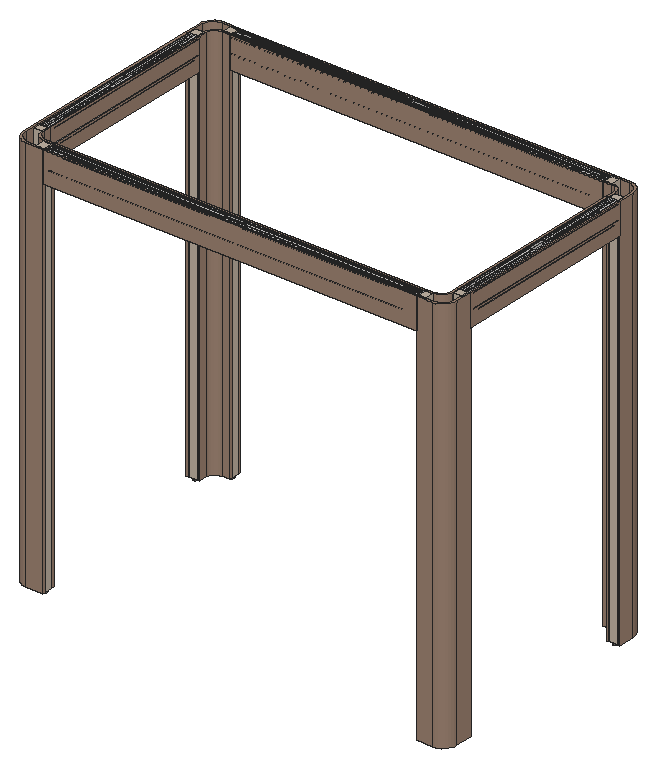
Revit family "T100213", category Furniture, Revit 2018
Family settings
  OmniClass Number = 23.40.20.14.17
  OmniClass Title = Residential Tables and Cabinets
  Work Plane-Based = No
  Always vertical = Yes
  Cut with Voids When Loaded = No
  Shared = Yes
  Room Calculation Point = No
Parameters (values of type "0762 x 0762mm")
  Base Material = Wood - Birch
  Height = 1' - 5.99213"
  Length = 2' - 6"
  Top Material = Laminate - Ivory, Matte
  Width = 2' - 6"
Types (4): name | Height | Length | Width
  (no name) | 1' - 5.99213" | 2' - 6" | 2' - 6"
  0610 x 0160mm | 2' - 6" | 2' - 0.01575" | 2' - 0.01575"
  0762 x 0762mm | 1' - 5.99213" | 2' - 6" | 2' - 6"
  0610 x 0915mm | 2' - 6" | 2' - 0.01575" | 3' - 0.02362"
Reference planes (in)
  plane 1: y = 6
  plane 2: z = 0
  plane 3 "Left": x = 14.84943
Dimensions and locks (in)
  aligned and locked: plane 2 to level
Nested families (in)
  nested 1: "OFS OBEYA BEAM KITS" at (14.84943, 34.51755, 0), type "BEAM KIT 84"
  nested 2: "OFS OBEYA BEAM KITS" at (14.84943, -17.98245, 0), type "BEAM KIT 84"
  nested 3: "OFS OBEYA POSTS" at (-32.40057, 34.51755, 0), type "CORNER POST"
  nested 4: "OFS OBEYA BEAM KITS" at (-32.40057, 8.26755, 0) x (0, -1, 0) z (0, 0, 1), type "BEAM KIT 42"
  nested 5: "OFS OBEYA POSTS" at (62.09943, 34.51755, 0) x (-1, 0, 0) z (0, 0, 1), type "CORNER POST"
  nested 6: "OFS OBEYA BEAM KITS" at (62.09943, 8.26755, 0) x (0, -1, 0) z (0, 0, 1), type "BEAM KIT 42"
  nested 7: "OFS OBEYA POSTS" at (-32.40057, -17.98245, 0), type "CORNER POST"
  nested 8: "OFS OBEYA POSTS" at (62.09943, -17.98245, 0) x (-1, 0, 0) z (0, 0, 1), type "CORNER POST"
Definition of nested family "OFS OBEYA BEAM KITS"
  Parameters (values of type "BEAM KIT 42")
    Width = 3' - 6"
    URL = "https://ofs.com/products/space-defining/architectural-structures/obeya"
    Model = "OB-42BMK"
    Manufacturer = "OFS"
    Height = 7' - 6"
    Structure Material = none
    Finish Material = none
    Description = "OFS OBEYA BEAM KIT, 42\" Width, Spans Between 2 Posts"
    Depth = 0' - 3"
    Copyright © = "©OFS 2019"
    Edge Material = none
    Catalog = "https://ofs.com/products/space-defining/architectural-structures/obeya"
    Beam Height = 0' - 7"
    Authoring Version = "Autodesk Revit Architecture 2015"
    Assembly Code = "E2020200"
  Types (3): name | Width | Model | Description
    BEAM KIT 42 | 3' - 6" | "OB-42BMK" | "OFS OBEYA BEAM KIT, 42\" Width, Spans Between 2 Posts"
    BEAM KIT 84 | 7' - 0" | "OB-84BMK" | "OFS OBEYA BEAM KIT, 84\" Width, Spans Between 2 Posts"
    BEAM KIT 126 | 10' - 6" | "OB-126BMK" | "OFS OBEYA BEAM KIT, 126\" Width, Spans Between 2 Posts"
  Reference planes (in)
    plane 1 "Center Front/Back": y = 0
    plane 2: z = 0
    plane 3 "Center Left/Right": x = 0
    plane 4: x = 21
    plane 5: y = -1.5
    plane 6: z = 90
    plane 7: z = 0.5
    plane 8: y = 1.5
    plane 9: x = -21
    plane 10: z = 83
    plane 11: x = 2
    plane 12: x = -2
    plane 13: x = -19.25
    plane 14: x = -17.25
    plane 15: x = 19.25
    plane 16: x = 17.25
  Forms (in)
    Extrusion 1, solid, material <- "Finish Material"
      sketch origin (0, 0, 0) x (0, 1, 0) y (0, 0, 1)
        loop
          line (1.5, 90) -> (1, 90) -> (1, 83) -> (1.5, 83) -> (1.5, 90)
        loop
          line (-1.5, 90) -> (-1.5, 83) -> (-1, 83) -> (-1, 90) -> (-1.5, 90)
      from -21 to 21
    Extrusion 2, solid, material <- "Edge Material"
      sketch origin (0, 0, 0) x (0, 1, 0) y (0, 0, 1)
        loop
          line (1, 84) -> (-1, 84) -> (-1, 83) -> (1, 83) -> (1, 84)
      from -21 to 21
    Extrusion 3, solid, material <- "Structure Material"
      sketch origin (0, 0, 0) x (0, 1, 0) y (0, 0, 1)
        loop
          line (0.634, 89.90157) -> (0.90157, 89.90157) -> (0.90157, 89.27657) -> (0.29068, 89.27657)
          arc (0.29068, 89.27657) -> (0.19003, 89.39013) -> (0.04921, 89.44664) r 0.33001
          line (0.04921, 89.44664) -> (0.04921, 89.90157) -> (0.23, 89.90157) -> (0.23, 90) -> (-0.23, 90) -> (-0.23, 89.90157) -> (-0.04921, 89.90157) -> (-0.04921, 89.44664)
          arc (-0.04921, 89.44664) -> (-0.19003, 89.39013) -> (-0.29068, 89.27657) r 0.33001
          line (-0.29068, 89.27657) -> (-0.90157, 89.27657) -> (-0.90157, 89.90157) -> (-0.634, 89.90157) -> (-0.634, 90) -> (-1, 90) -> (-1, 89.17815) -> (-0.74409, 88.92224) -> (-0.74409, 87.7719) -> (-0.90157, 87.7719) -> (-0.90157, 88.09941) -> (-1, 88.19783) -> (-1, 85.9781) -> (-0.74409, 85.72219) -> (-0.74409, 84.57185) -> (-0.90157, 84.57185) -> (-0.90157, 84.89936) -> (-1, 84.99779) -> (-1, 84) -> (-0.202, 84) -> (-0.202, 84.09843) -> (-0.375, 84.09843) -> (-0.375, 84.71875) -> (-0.28811, 84.71875)
          arc (-0.28811, 84.71875) -> (0, 84.54967) -> (0.28811, 84.71875) r 0.33001
          line (0.28811, 84.71875) -> (0.375, 84.71875) -> (0.375, 84.09843) -> (0.202, 84.09843) -> (0.202, 84) -> (1, 84) -> (1, 84.99779) -> (0.90157, 84.89936) -> (0.90157, 84.57185) -> (0.74409, 84.57185) -> (0.74409, 85.72219) -> (1, 85.9781) -> (1, 88.19783) -> (0.90157, 88.09941) -> (0.90157, 87.7719) -> (0.74409, 87.7719) -> (0.74409, 88.92224) -> (1, 89.17815) -> (1, 90) -> (0.634, 90) -> (0.634, 89.90157)
        loop
          arc (0.33001, 89.12032) -> (0.28638, 88.95633) -> (0.16703, 88.8357) r 0.33001
          line (0.16703, 88.8357) -> (0.08792, 88.97271)
          arc (0.08792, 88.97271) -> (0, 89.29214) -> (-0.08792, 88.97271) r 0.17181
          line (-0.08792, 88.97271) -> (-0.16703, 88.8357)
          arc (-0.16703, 88.8357) -> (-0.28638, 88.95633) -> (-0.33001, 89.12032) r 0.33001
          line (-0.33001, 89.12032) -> (-0.64567, 89.12032) -> (-0.64567, 87.67347) -> (-0.90157, 87.67347) -> (-0.90157, 86.01887) -> (-0.202, 86.01887) -> (-0.202, 85.92044) -> (-0.64567, 85.92044) -> (-0.64567, 84.875) -> (-0.32998, 84.875)
          arc (-0.32998, 84.875) -> (-0.28753, 85.04163) -> (-0.16703, 85.1643) r 0.33001
          line (-0.16703, 85.1643) -> (-0.08792, 85.02729)
          arc (-0.08792, 85.02729) -> (0, 84.70786) -> (0.08792, 85.02729) r 0.17181
          line (0.08792, 85.02729) -> (0.16703, 85.1643)
          arc (0.16703, 85.1643) -> (0.28753, 85.04163) -> (0.32998, 84.875) r 0.33001
          line (0.32998, 84.875) -> (0.64567, 84.875) -> (0.64567, 85.92044) -> (0.202, 85.92044) -> (0.202, 86.01887) -> (0.90157, 86.01887) -> (0.90157, 87.67347) -> (0.64567, 87.67347) -> (0.64567, 89.12032) -> (0.33001, 89.12032)
        loop
          line (0.47343, 84.71875) -> (0.47343, 84.09843) -> (0.90157, 84.09843) -> (0.90157, 84.47343) -> (0.64567, 84.47343) -> (0.64567, 84.71875) -> (0.47343, 84.71875)
        loop
          line (-0.47343, 84.71875) -> (-0.64567, 84.71875) -> (-0.64567, 84.47343) -> (-0.90157, 84.47343) -> (-0.90157, 84.09843) -> (-0.47343, 84.09843) -> (-0.47343, 84.71875)
      from -21 to 21
    Extrusion 4, void
      sketch origin (0, 24.68611, 0) x (-1, 0, 0) y (0, -1, 0)
        loop
          line (-1.875, 24.04044) -> (1.875, 24.04044)
          arc (1.875, 24.04044) -> (1.96339, 24.07705) -> (2, 24.16544) r 0.125
          line (2, 24.16544) -> (2, 25.20678)
          arc (2, 25.20678) -> (1.96339, 25.29517) -> (1.875, 25.33178) r 0.125
          line (1.875, 25.33178) -> (-1.875, 25.33178)
          arc (-1.875, 25.33178) -> (-1.96339, 25.29517) -> (-2, 25.20678) r 0.125
          line (-2, 25.20678) -> (-2, 24.16544)
          arc (-2, 24.16544) -> (-1.96339, 24.07705) -> (-1.875, 24.04044) r 0.125
      from 87.3961 to 91.22301
    Extrusion 5, void
      sketch origin (-59.25, 24.68611, 0) x (-1, 0, 0) y (0, -1, 0)
        loop
          line (-41.875, 24.04044) -> (-40.125, 24.04044)
          arc (-40.125, 24.04044) -> (-40.03661, 24.07705) -> (-40, 24.16544) r 0.125
          line (-40, 24.16544) -> (-40, 25.20678)
          arc (-40, 25.20678) -> (-40.03661, 25.29517) -> (-40.125, 25.33178) r 0.125
          line (-40.125, 25.33178) -> (-41.875, 25.33178)
          arc (-41.875, 25.33178) -> (-41.96339, 25.29517) -> (-42, 25.20678) r 0.125
          line (-42, 25.20678) -> (-42, 24.16544)
          arc (-42, 24.16544) -> (-41.96339, 24.07705) -> (-41.875, 24.04044) r 0.125
      from 87.3961 to 91.22301
    Extrusion 6, void
      sketch origin (59.25, 24.68611, 0) x (1, 0, 0) y (0, 1, 0)
        loop
          arc (-41.875, -24.04044) -> (-41.96339, -24.07705) -> (-42, -24.16544) r 0.125
          line (-42, -24.16544) -> (-42, -25.20678)
          arc (-42, -25.20678) -> (-41.96339, -25.29517) -> (-41.875, -25.33178) r 0.125
          line (-41.875, -25.33178) -> (-40.125, -25.33178)
          arc (-40.125, -25.33178) -> (-40.03661, -25.29517) -> (-40, -25.20678) r 0.125
          line (-40, -25.20678) -> (-40, -24.16544)
          arc (-40, -24.16544) -> (-40.03661, -24.07705) -> (-40.125, -24.04044) r 0.125
          line (-40.125, -24.04044) -> (-41.875, -24.04044)
      from 87.3961 to 91.22301
  Cuts and joins
    Extrusion 4, Extrusion 5, Extrusion 6 cuts Extrusion 3
  Lines and regions (in)
    symbolic lines
      curve 1: line (-21, 1.5, 0) -> (21, 1.5, 0)
      curve 2: line (-21, -1.5, 0) -> (-21, 1.5, 0)
      curve 3: line (21, -1.5, 0) -> (-21, -1.5, 0)
      curve 4: line (21, 1.5, 0) -> (21, -1.5, 0)
  Dimensions and locks (in)
    "Height": plane 6 to level
    locked: plane 7 to level at 0.5
    equal spacing: plane 8, plane 1 "Center Front/Back", plane 5
    "Depth": plane 8 to plane 5
    equal spacing: plane 9, plane 3 "Center Left/Right", plane 4
    "Width": plane 9 to plane 4
    "Beam Height": plane 6 to plane 10
    plane 9 to plane 13 to plane 14 = 0' - 1 3/4" locked, 0' - 2" locked
    locked: plane 12 to plane 11 at 4
    plane 4 to plane 15 to plane 16 = 0' - 1 3/4" locked, 0' - 2" locked
    aligned and locked: level to plane 2
    aligned and locked: plane 9 to Extrusion 1
    aligned and locked: plane 9 to Extrusion 3
    aligned and locked: plane 4 to Extrusion 1
    aligned and locked: plane 4 to Extrusion 3
    aligned and locked: plane 4 to Extrusion 2
    aligned and locked: plane 9 to Extrusion 2
    aligned and locked: curve 2 to plane 9
    aligned and locked: curve 4 to plane 4
    aligned and locked: plane 8 to curve 1
    aligned and locked: plane 5 to curve 3
    aligned and locked: Extrusion 4 to plane 12
    aligned and locked: plane 11 to Extrusion 4
    aligned and locked: plane 13 to Extrusion 5
    aligned and locked: Extrusion 5 to plane 14
    aligned and locked: plane 15 to Extrusion 6
    aligned and locked: Extrusion 6 to plane 16
  Automatic sketch dimensions
    Extrusion 1 sketch curve to plane 5 = 0' - 0"
    Extrusion 1 sketch curve to plane 10 = 0' - 0"  (x2)
    Extrusion 1 sketch curve to plane 6 = 0' - 0"  (x2)
    Extrusion 1 sketch curve to plane 8 = 0' - 0"
    plane 5 to Extrusion 1 sketch curve = 0' - 0 1/2"
    plane 8 to Extrusion 1 sketch curve = 0' - 0 1/2"
    Extrusion 2 sketch curve to plane 10 = 0' - 0"
    plane 5 to Extrusion 2 sketch curve = 0' - 0 1/2"
    plane 8 to Extrusion 2 sketch curve = 0' - 0 1/2"
    plane 10 to Extrusion 2 sketch curve = 0' - 1"
    Extrusion 3 sketch curve to Extrusion 3 sketch curve = 0' - 0"  (x38)
    Extrusion 3 sketch curve to plane 6 = 0' - 0"  (x3)
    Extrusion 3 sketch curve to plane 1 "Center Front/Back" = 0' - 0"  (x2)
    plane 1 "Center Front/Back" to Extrusion 3 sketch curve = 0' - 0.04921"
    plane 1 "Center Front/Back" to Extrusion 3 sketch curve = 0' - 0.08792"  (x2)
    Extrusion 3 sketch curve to Extrusion 3 sketch curve = 0' - 0.0791"  (x4)
    plane 1 "Center Front/Back" to Extrusion 3 sketch curve = 0' - 0.202"  (x2)
    Extrusion 3 sketch curve to Extrusion 3 sketch curve = 0' - 0.18079"  (x2)
    plane 1 "Center Front/Back" to Extrusion 3 sketch curve = 0' - 0.28811"
    plane 1 "Center Front/Back" to Extrusion 3 sketch curve = 0' - 0.29068"
    Extrusion 3 sketch curve to Extrusion 3 sketch curve = 0' - 0.04186"  (x2)
    Extrusion 3 sketch curve to Extrusion 3 sketch curve = 0' - 0.03933"  (x2)
    Extrusion 3 sketch curve to Extrusion 3 sketch curve = 0' - 0.173"  (x2)
    Extrusion 3 sketch curve to Extrusion 3 sketch curve = 0' - 0.09843"  (x26)
    Extrusion 3 sketch curve to Extrusion 3 sketch curve = 0' - 0.404"  (x2)
    Extrusion 3 sketch curve to Extrusion 3 sketch curve = 0' - 0.44367"
    Extrusion 3 sketch curve to Extrusion 3 sketch curve = 0' - 0.17224"  (x2)
    plane 1 "Center Front/Back" to Extrusion 3 sketch curve = 0' - 0.64567"
    Extrusion 3 sketch curve to Extrusion 3 sketch curve = 0' - 0.15748"  (x4)
    Extrusion 3 sketch curve to plane 6 = 0' - 0.09843"  (x4)
    Extrusion 3 sketch curve to Extrusion 3 sketch curve = 0' - 0.26757"
    Extrusion 3 sketch curve to Extrusion 3 sketch curve = 0' - 0.25591"  (x4)
    Extrusion 3 sketch curve to plane 1 "Center Front/Back" = 0' - 0.04921"
    Extrusion 3 sketch curve to plane 1 "Center Front/Back" = 0' - 0.08792"  (x2)
    Extrusion 3 sketch curve to plane 1 "Center Front/Back" = 0' - 0.202"  (x2)
    Extrusion 3 sketch curve to plane 1 "Center Front/Back" = 0' - 0.28811"
    Extrusion 3 sketch curve to plane 1 "Center Front/Back" = 0' - 0.29068"
    Extrusion 3 sketch curve to Extrusion 3 sketch curve = 0' - 0.31566"
    Extrusion 3 sketch curve to Extrusion 3 sketch curve = 0' - 0.42815"
    Extrusion 3 sketch curve to Extrusion 3 sketch curve = 0' - 0.45493"
    Extrusion 3 sketch curve to Extrusion 3 sketch curve = 0' - 0.17007"
    Extrusion 3 sketch curve to Extrusion 3 sketch curve = 0' - 0.13701"  (x2)
    Extrusion 3 sketch curve to Extrusion 3 sketch curve = 0' - 0.19808"  (x2)
    Extrusion 3 sketch curve to Extrusion 3 sketch curve = 0' - 0.72441"  (x4)
    Extrusion 3 sketch curve to Extrusion 3 sketch curve = 0' - 0.32751"  (x2)
    Extrusion 3 sketch curve to Extrusion 3 sketch curve = 0' - 1.6546"
    Extrusion 3 sketch curve to Extrusion 3 sketch curve = 0' - 0.04077"  (x2)
    Extrusion 3 sketch curve to Extrusion 3 sketch curve = 0' - 0.19825"  (x2)
    Extrusion 3 sketch curve to Extrusion 3 sketch curve = 0' - 0.75615"
    Extrusion 3 sketch curve to Extrusion 3 sketch curve = 0' - 0.14761"
    Extrusion 3 sketch curve to Extrusion 3 sketch curve = 0' - 0 5/32"  (x2)
    Extrusion 3 sketch curve to Extrusion 3 sketch curve = 0' - 0.1469"  (x2)
    Extrusion 3 sketch curve to Extrusion 3 sketch curve = 0' - 0 3/8"  (x3)
    Extrusion 4 sketch curve to plane 11 = 0' - 0"
    Extrusion 4 sketch curve to plane 12 = 0' - 0"
    plane 11 to Extrusion 4 sketch curve = 0' - 0 1/8"  (x2)
    Extrusion 4 sketch curve to plane 12 = 0' - 0 1/8"
    Extrusion 4 sketch curve to Extrusion 4 sketch curve = 0' - 0 1/8"
    Extrusion 4 sketch curve to plane 1 "Center Front/Back" = 0' - 0.64567"
    plane 1 "Center Front/Back" to Extrusion 4 sketch curve = 0' - 0.52067"
    Extrusion 5 sketch curve to plane 14 = 0' - 0"
    Extrusion 5 sketch curve to plane 13 = 0' - 0"
    Extrusion 5 sketch curve to plane 14 = 0' - 0 1/8"
    Extrusion 5 sketch curve to Extrusion 5 sketch curve = 0' - 0 1/8"
    plane 13 to Extrusion 5 sketch curve = 0' - 0 1/8"  (x2)
    Extrusion 5 sketch curve to plane 1 "Center Front/Back" = 0' - 0.64567"
    plane 1 "Center Front/Back" to Extrusion 5 sketch curve = 0' - 0.52067"
    Extrusion 6 sketch curve to plane 16 = 0' - 0"
    Extrusion 6 sketch curve to plane 15 = 0' - 0"
    plane 16 to Extrusion 6 sketch curve = 0' - 0 1/8"
    Extrusion 6 sketch curve to Extrusion 6 sketch curve = 0' - 0 1/8"
    Extrusion 6 sketch curve to plane 15 = 0' - 0 1/8"  (x2)
    plane 1 "Center Front/Back" to Extrusion 6 sketch curve = 0' - 0.64567"
    Extrusion 6 sketch curve to plane 1 "Center Front/Back" = 0' - 0.52067"
Definition of nested family "OFS OBEYA POSTS"
  Parameters (values of type "T POST")
    Width = 0' - 6 3/4"
    URL = "https://ofs.com/products/space-defining/architectural-structures/obeya"
    T = yes
    Model = "OB-TP"
    Manufacturer = "OFS"
    Height = 7' - 6"
    Gliders Material = none
    Finish Material = none
    Description = "OFS OBEYA T POST, Vertical Uprights for Attaching Walls, 3 Way Connection at 90 and 180 Degrees"
    Depth = 0' - 6 3/4"
    Corner = no
    Copyright © = "©OFS 2019"
    Edge Material = none
    Catalog = "https://ofs.com/products/space-defining/architectural-structures/obeya"
    Authoring Version = "Autodesk Revit Architecture 2015"
    Assembly Code = "E2020200"
    4way = no
    4 = no
    3 = yes
    2 = yes
  Types (4): name | T | Model | Description | Corner | 4way | 4 | 3
    (no name) | yes | "OB-TP" | "OFS OBEYA T POST, Vertical Uprights for Attaching Walls, 3 Way Connection at 90 and 180 Degrees" | no | no | no | yes
    CORNER POST | no | "OB-CP" | "OFS OBEYA CORNER POST, Vertical Uprights for Attaching Walls, 90 Degree Connection" | yes | no | no | no
    T POST | yes | "OB-TP" | "OFS OBEYA T POST, Vertical Uprights for Attaching Walls, 3 Way Connection at 90 and 180 Degrees" | no | no | no | yes
    4 WAY POST | no | "OB-4P" | "OFS OBEYA 4 WAY POST, Vertical Uprights for Attaching Walls, 4 Way Connection at 90 Corners" | no | yes | yes | yes
  Reference planes (in)
    plane 1 "Center Front/Back": y = 0
    plane 2: z = 0
    plane 3 "Center Left/Right": x = 0
    plane 4: x = 5.25
    plane 5: y = -5.25
    plane 6: z = 90
    plane 7: z = 0.5
    plane 8: y = 5.25
    plane 9: x = -5.25
  Forms (in)
    Extrusion 1, solid, material <- "Finish Material", visible <- "Corner"
      sketch origin (-1.5, 1.5, 0) x (1, 0, 0) y (0, 1, 0)
        loop
          arc (3, 0) -> (0.87868, -0.87868) -> (0, -3) r 3
          line (0, -3) -> (0, -6.75) -> (0.5, -6.75) -> (0.5, -3)
          arc (0.5, -3) -> (1.23223, -1.23223) -> (3, -0.5) r 2.5
          line (3, -0.5) -> (6.75, -0.5) -> (6.75, 0) -> (3, 0)
        loop
          line (5, -3) -> (6.75, -3) -> (6.75, -2.5) -> (5, -2.5)
          arc (5, -2.5) -> (3.23223, -3.23223) -> (2.5, -5) r 2.5
          line (2.5, -5) -> (2.5, -6.75) -> (3, -6.75) -> (3, -5)
          arc (3, -5) -> (3.58579, -3.58579) -> (5, -3) r 2
      from 0.5 to 90
    Extrusion 2, solid, material <- "Edge Material", visible <- "2"
      sketch origin (0, 0, 0) x (1, 0, 0) y (0, 1, 0)
        loop
          line (5.25, 1) -> (3.5, 1) -> (3.5, -1) -> (5.25, -1) -> (5.25, 1)
        loop
          line (-1, -5.25) -> (1, -5.25) -> (1, -3.5) -> (-1, -3.5) -> (-1, -5.25)
      from 0.5 to 90
    Revolve 3, solid, material <- "Gliders Material", visible <- "2"
      sketch origin (-14.98281, 0, 0) x (1, 0, 0) y (0, 0, 1)
        loop
          line (19.45389, 0.5) -> (19.12889, 0.5) -> (19.12889, 0.2225) -> (18.99551, 0.2225)
          arc (18.99551, 0.2225) -> (18.88426, 0.11125) -> (18.99551, 0) r 0.11125
          line (18.99551, 0) -> (19.45389, 0) -> (19.45389, 0.5)
        axis (19.45389, 0) -> (19.45389, 0.5)
      angle from 0 to 360
    Revolve 4, solid, material <- "Gliders Material", visible <- "2"
      sketch origin (0, 14.98281, 0) x (0, -1, 0) y (0, 0, -1)
        loop
          line (19.45389, -0.5) -> (19.45389, 0) -> (18.99551, 0)
          arc (18.99551, 0) -> (18.88426, -0.11125) -> (18.99551, -0.2225) r 0.11125
          line (18.99551, -0.2225) -> (19.12889, -0.2225) -> (19.12889, -0.5) -> (19.45389, -0.5)
        axis (19.45389, 0) -> (19.45389, -0.5)
      angle from 0 to 360
    Extrusion 5, solid, material <- "Finish Material", visible <- "T"
      sketch origin (-1.5, 1.5, 0) x (1, 0, 0) y (0, 1, 0)
        loop
          line (6.75, 0) -> (-3.75, 0) -> (-3.75, -0.5) -> (6.75, -0.5) -> (6.75, 0)
        loop
          line (5, -3) -> (6.75, -3) -> (6.75, -2.5) -> (5, -2.5)
          arc (5, -2.5) -> (3.23223, -3.23223) -> (2.5, -5) r 2.5
          line (2.5, -5) -> (2.5, -6.75) -> (3, -6.75) -> (3, -5)
          arc (3, -5) -> (3.58579, -3.58579) -> (5, -3) r 2
        loop
          arc (-2, -3) -> (-0.58579, -3.58579) -> (0, -5) r 2
          line (0, -5) -> (0, -6.75) -> (0.5, -6.75) -> (0.5, -5)
          arc (0.5, -5) -> (-0.23223, -3.23223) -> (-2, -2.5) r 2.5
          line (-2, -2.5) -> (-3.75, -2.5) -> (-3.75, -3) -> (-2, -3)
      from 0.5 to 90
    Extrusion 6, solid, material <- "Finish Material", visible <- "4way"
      sketch origin (-1.5, 1.5, 0) x (1, 0, 0) y (0, 1, 0)
        loop
          line (5, -3) -> (6.75, -3) -> (6.75, -2.5) -> (5, -2.5)
          arc (5, -2.5) -> (3.23223, -3.23223) -> (2.5, -5) r 2.5
          line (2.5, -5) -> (2.5, -6.75) -> (3, -6.75) -> (3, -5)
          arc (3, -5) -> (3.58579, -3.58579) -> (5, -3) r 2
        loop
          arc (-2, -3) -> (-0.58579, -3.58579) -> (0, -5) r 2
          line (0, -5) -> (0, -6.75) -> (0.5, -6.75) -> (0.5, -5)
          arc (0.5, -5) -> (-0.23223, -3.23223) -> (-2, -2.5) r 2.5
          line (-2, -2.5) -> (-3.75, -2.5) -> (-3.75, -3) -> (-2, -3)
        loop
          arc (5, 0) -> (3.58579, 0.58579) -> (3, 2) r 2
          line (3, 2) -> (3, 3.75) -> (2.5, 3.75) -> (2.5, 2)
          arc (2.5, 2) -> (3.23223, 0.23223) -> (5, -0.5) r 2.5
          line (5, -0.5) -> (6.75, -0.5) -> (6.75, 0) -> (5, 0)
        loop
          line (-2, 0) -> (-3.75, 0) -> (-3.75, -0.5) -> (-2, -0.5)
          arc (-2, -0.5) -> (-0.23223, 0.23223) -> (0.5, 2) r 2.5
          line (0.5, 2) -> (0.5, 3.75) -> (0, 3.75) -> (0, 2)
          arc (0, 2) -> (-0.58579, 0.58579) -> (-2, 0) r 2
      from 0.5 to 90
    Revolve 7, solid, material <- "Gliders Material", visible <- "3"
      sketch origin (14.98281, 0, 0) x (-1, 0, 0) y (0, 0, 1)
        loop
          line (19.45389, 0.5) -> (19.12889, 0.5) -> (19.12889, 0.2225) -> (18.99551, 0.2225)
          arc (18.99551, 0.2225) -> (18.88426, 0.11125) -> (18.99551, 0) r 0.11125
          line (18.99551, 0) -> (19.45389, 0) -> (19.45389, 0.5)
        axis (19.45389, 0) -> (19.45389, 0.5)
      angle from 0 to 360
    Revolve 8, solid, material <- "Gliders Material", visible <- "4"
      sketch origin (0, -14.98281, 0) x (0, 1, 0) y (0, 0, 1)
        loop
          line (19.45389, 0.5) -> (19.12889, 0.5) -> (19.12889, 0.2225) -> (18.99551, 0.2225)
          arc (18.99551, 0.2225) -> (18.88426, 0.11125) -> (18.99551, 0) r 0.11125
          line (18.99551, 0) -> (19.45389, 0) -> (19.45389, 0.5)
        axis (19.45389, 0) -> (19.45389, 0.5)
      angle from 0 to 360
    Extrusion 9, solid, material <- "Edge Material", visible <- "4"
      sketch origin (0, 0, 0) x (1, 0, 0) y (0, 1, 0)
        loop
          line (-1, 5.25) -> (-1, 3.5) -> (1, 3.5) -> (1, 5.25) -> (-1, 5.25)
      from 0.5 to 90
    Extrusion 10, solid, material <- "Edge Material", visible <- "3"
      sketch origin (0, 0, 0) x (0, -1, 0) y (1, 0, 0)
        loop
          line (-1, -5.25) -> (1, -5.25) -> (1, -3.5) -> (-1, -3.5) -> (-1, -5.25)
      from 0.5 to 90
  Dimensions and locks (in)
    "Height": plane 6 to level
    locked: plane 7 to level at 0.5
    aligned and locked: level to plane 2
    aligned and locked: plane 6 to Extrusion 1
    aligned and locked: plane 6 to Extrusion 2
    aligned and locked: Extrusion 1 to plane 7
  Automatic sketch dimensions
    Extrusion 1 sketch curve to Extrusion 1 sketch curve = 0' - 0"  (x4)
    Extrusion 1 sketch curve to plane 5 = 0' - 0"  (x2)
    Extrusion 1 sketch curve to plane 4 = 0' - 0"  (x2)
    Extrusion 1 sketch curve to plane 4 = 0' - 1 3/4"
    plane 3 "Center Left/Right" to Extrusion 1 sketch curve = 0' - 1 1/2"  (x2)
    Extrusion 1 sketch curve to Extrusion 1 sketch curve = 0' - 0 1/2"  (x2)
    Extrusion 1 sketch curve to plane 3 "Center Left/Right" = 0' - 1"
    plane 5 to Extrusion 1 sketch curve = 0' - 1 3/4"
    plane 1 "Center Front/Back" to Extrusion 1 sketch curve = 0' - 1 1/2"
    Extrusion 2 sketch curve to plane 5 = 0' - 0"
    Extrusion 2 sketch curve to plane 4 = 0' - 0"
    Extrusion 2 sketch curve to plane 4 = 0' - 1 3/4"
    plane 3 "Center Left/Right" to Extrusion 2 sketch curve = 0' - 1"
    Extrusion 2 sketch curve to plane 3 "Center Left/Right" = 0' - 1"
    plane 5 to Extrusion 2 sketch curve = 0' - 1 3/4"
    plane 1 "Center Front/Back" to Extrusion 2 sketch curve = 0' - 1"
    Extrusion 2 sketch curve to plane 1 "Center Front/Back" = 0' - 1"
    Revolve 3 sketch curve to level = 0' - 0"
    Revolve 3 sketch curve to plane 7 = 0' - 0"  (x2)
    level to Revolve 3 sketch curve = 0' - 0.11125"
    Revolve 3 sketch curve to plane 4 = 0' - 1.2373"
    Revolve 3 sketch curve to Revolve 3 sketch curve = 0' - 0.13338"
    Revolve 3 sketch curve to Revolve 3 sketch curve = 0' - 0.325"
    Revolve 3 sketch curve to Revolve 3 sketch curve = 0' - 0"
    Revolve 3 sketch curve to Revolve 3 sketch curve = 0' - 0 1/4"
    Revolve 4 sketch curve to level = 0' - 0"
    Revolve 4 sketch curve to plane 7 = 0' - 0"  (x2)
    level to Revolve 4 sketch curve = 0' - 0.11125"
    plane 5 to Revolve 4 sketch curve = 0' - 1.2373"
    Revolve 4 sketch curve to Revolve 4 sketch curve = 0' - 0.13338"
    Revolve 4 sketch curve to Revolve 4 sketch curve = 0' - 0.325"
    Revolve 4 sketch curve to Revolve 4 sketch curve = 0' - 0"
    Revolve 4 sketch curve to Revolve 4 sketch curve = 0' - 0 1/4"
    Extrusion 5 sketch curve to Extrusion 5 sketch curve = 0' - 0"  (x4)
    Extrusion 5 sketch curve to plane 9 = 0' - 0"  (x2)
    Extrusion 5 sketch curve to plane 5 = 0' - 0"  (x2)
    Extrusion 5 sketch curve to plane 4 = 0' - 0"  (x2)
    Extrusion 5 sketch curve to plane 9 = 0' - 1 3/4"
    Extrusion 5 sketch curve to plane 3 "Center Left/Right" = 0' - 1 1/2"
    Extrusion 5 sketch curve to Extrusion 5 sketch curve = 0' - 0 1/2"  (x3)
    plane 3 "Center Left/Right" to Extrusion 5 sketch curve = 0' - 1"
    Extrusion 5 sketch curve to plane 4 = 0' - 1 3/4"
    plane 5 to Extrusion 5 sketch curve = 0' - 1 3/4"  (x2)
    Extrusion 5 sketch curve to plane 1 "Center Front/Back" = 0' - 1"
    Extrusion 6 sketch curve to Extrusion 6 sketch curve = 0' - 0"  (x8)
    Extrusion 6 sketch curve to plane 9 = 0' - 0"  (x2)
    Extrusion 6 sketch curve to plane 5 = 0' - 0"  (x2)
    plane 8 to Extrusion 6 sketch curve = 0' - 0"  (x2)
    Extrusion 6 sketch curve to plane 4 = 0' - 0"  (x2)
    Extrusion 6 sketch curve to plane 9 = 0' - 1 3/4"  (x2)
    Extrusion 6 sketch curve to plane 3 "Center Left/Right" = 0' - 1 1/2"  (x2)
    Extrusion 6 sketch curve to Extrusion 6 sketch curve = 0' - 0 1/2"  (x4)
    plane 3 "Center Left/Right" to Extrusion 6 sketch curve = 0' - 1"  (x2)
    Extrusion 6 sketch curve to plane 4 = 0' - 1 3/4"  (x2)
    plane 5 to Extrusion 6 sketch curve = 0' - 1 3/4"
    Extrusion 6 sketch curve to Extrusion 6 sketch curve = 0' - 1 3/4"
    Extrusion 6 sketch curve to plane 1 "Center Front/Back" = 0' - 1"  (x2)
    Revolve 7 sketch curve to level = 0' - 0"
    Revolve 7 sketch curve to plane 7 = 0' - 0"  (x2)
    Revolve 7 sketch curve to level = 0' - 0.11125"
    plane 9 to Revolve 7 sketch curve = 0' - 1.2373"
    Revolve 7 sketch curve to Revolve 7 sketch curve = 0' - 0.13338"
    Revolve 7 sketch curve to Revolve 7 sketch curve = 0' - 0.325"
    Revolve 7 sketch curve to Revolve 7 sketch curve = 0' - 0"
    Revolve 7 sketch curve to Revolve 7 sketch curve = 0' - 0 1/4"
    Revolve 8 sketch curve to level = 0' - 0"
    Revolve 8 sketch curve to plane 7 = 0' - 0"  (x2)
    level to Revolve 8 sketch curve = 0' - 0.11125"
    plane 8 to Revolve 8 sketch curve = 0' - 1.2373"
    Revolve 8 sketch curve to Revolve 8 sketch curve = 0' - 0.13338"
    Revolve 8 sketch curve to Revolve 8 sketch curve = 0' - 0.325"
    Revolve 8 sketch curve to Revolve 8 sketch curve = 0' - 0"
    Revolve 8 sketch curve to Revolve 8 sketch curve = 0' - 0 1/4"
    plane 8 to Extrusion 9 sketch curve = 0' - 0"
    plane 3 "Center Left/Right" to Extrusion 9 sketch curve = 0' - 1"
    Extrusion 9 sketch curve to plane 3 "Center Left/Right" = 0' - 1"
    Extrusion 9 sketch curve to plane 8 = 0' - 1 3/4"
    Extrusion 10 sketch curve to plane 9 = 0' - 0"
    Extrusion 10 sketch curve to plane 1 "Center Front/Back" = 0' - 1"
    plane 1 "Center Front/Back" to Extrusion 10 sketch curve = 0' - 1"
    Extrusion 10 sketch curve to Extrusion 10 sketch curve = 0' - 1 3/4"
